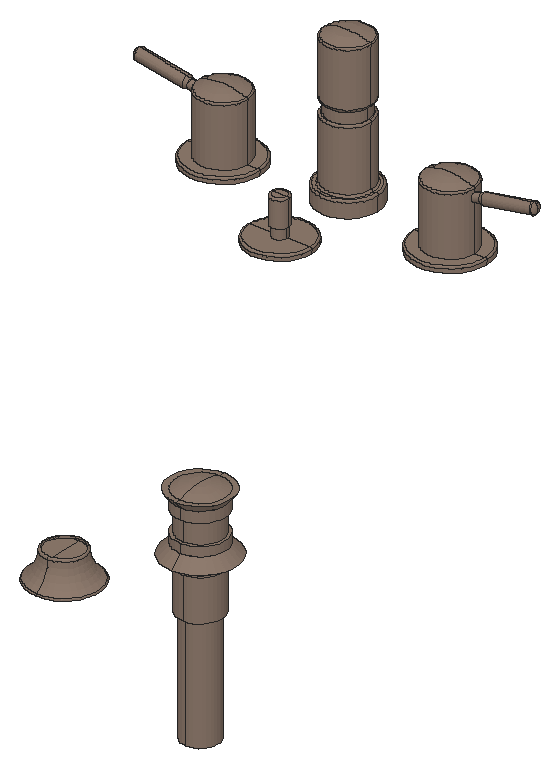
Revit family "FAUCET (90)", category Plumbing Fixtures, Revit 2020
Family settings
  Round Connector Dimension = Use Radius
  Part Type = Normal
  OmniClass Number = 23.45.55.17
  OmniClass Title = Mixing Faucets
  Work Plane-Based = No
  Always vertical = Yes
  Cut with Voids When Loaded = No
  Shared = No
  Room Calculation Point = No
Parameters
  Waste Connection Radius [instance] = Waste Connection NPT / 2  # 0' - 0 5/8"
  Waste Connection NPT [instance] = 1 1/4"
  Waste Connection = yes
  WFU = 0
  Vent Connection = yes
  URL = "http://www.brizo.com"
  Series = "Quiessence"  # constant formula
  Product URL = "http://www.brizo.com/bath/quiessence/bidet/68414-BZ.html"
  Nominal Width [instance] = (Control Valve Offset from Center * 2) + 0' 6 11/64"  # 1' - 2 11/64"
  Nominal Length [instance] = Faucet to Control Valve Distance + Control Valve to Diverter Valve Distance + 0' 2 9/32"  # 1' - 2 25/32"
  Nominal Height = 0' - 5 3/8"  # constant formula
  Model = "68414-BZ"
  Maximum Flow Rate [instance] = 0.0 GPM
  Manufacturer = "Brizo"  # constant formula
  Hot Water Connection Radius = Hot Water Connection NPT / 2  # 0' - 0 3/16"
  Hot Water Connection NPT = 3/8"
  Faucet to Control Valve Distance [instance] = 0' - 0 1/2"
  HWFU = 0
  HW Connection = yes
  Flow Pressure [instance] = 0.00 psi
  Finish = Bronze-Brizo-Metal-Brilliance-Brushed
  Default Elevation = 0' - 0"
  Control Valve to Stopper Distance [instance] = 0' - 3"
  Control Valve to Drain Distance [instance] = 0' - 6"
  Drain Height Offset [instance] = 0' - 6 1/4"
  Control Valve to Diverter Valve Distance [instance] = 1' - 0"
  Diverter Valve Height Offset [instance] = 0' - 6 1/2"
  Description = "Three Handle Bidet Faucet"  # constant formula
  Control Valve Offset from Center [instance] = 0' - 4"
  Cold Water Connection Radius = Cold Water Connection NPT / 2  # 0' - 0 3/16"
  Cold Water Connection NPT = 3/8"
  CWFU = 0
  CW Connection = yes
  CADworks URL = "http://www.CADworks.net"
  Assembly Code = "D2010900"
  ADA Compliant = yes
Reference planes (in)
  plane 1 "Center (Front/Back)": y = 0
  plane 2: z = 0
  plane 3 "Center (Left/Right)": x = 0
  plane 4: x = -4
  plane 5: x = 4
  plane 6: y = -0.5
  plane 7: x = 7.08594
  plane 8: x = -7.08594
  plane 9: y = 1.0625
  plane 10: x = 7.0793
  plane 11: x = -7.0793
  plane 12: z = 2.5
  plane 13: z = 5.375
  plane 14: y = -3
  plane 15: y = -12.5
  plane 16: z = -6.5
  plane 17: z = -6.25
  plane 18: z = -0.125
  plane 19: x = -4.28125
  plane 20: x = 4.28125
  plane 21: y = -6.5
  plane 22: z = -14.125
  plane 23: z = -5.5
  plane 24: y = -13.71875
Forms (in)
  Revolve 1, solid, material "Bronze-Brizo-Metal-Brilliance-Brushed" <- "Finish"
    sketch origin (0, 0, 0) x (1, 0, 0) y (0, 0, 1)
      loop
        line (0, 0) -> (1.0625, 0) -> (1.0625, 0.4935)
        arc (1.0625, 0.4935) -> (1.04419, 0.53769) -> (1, 0.556) r 0.0625
        line (1, 0.556) -> (0.885, 0.556)
        arc (0.885, 0.556) -> (0.84081, 0.57431) -> (0.8225, 0.6185) r 0.0625
        line (0.8225, 0.6185) -> (0.8225, 2.7155)
        arc (0.8225, 2.7155) -> (0.80419, 2.75969) -> (0.76, 2.778) r 0.0625
        line (0.76, 2.778) -> (0.70922, 2.778) -> (0.70922, 3.21447) -> (0.76, 3.21447)
        arc (0.76, 3.21447) -> (0.80419, 3.23277) -> (0.8225, 3.27697) r 0.0625
        line (0.8225, 3.27697) -> (0.8225, 5.16294)
        arc (0.8225, 5.16294) -> (0.812, 5.19761) -> (0.78404, 5.22063) r 0.0625
        arc (0.78404, 5.22063) -> (0.39978, 5.33724) -> (0, 5.375) r 2.00655
        line (0, 5.375) -> (0, 0)
      axis (0, 0) -> (0, 5.375)
    angle from 0 to 360
  Revolve 2, solid, material "Bronze-Brizo-Metal-Brilliance-Brushed" <- "Finish"
    sketch origin (-27.76549, -0.5, 48) x (-1, 0, 0) y (0, 0, 1)
      loop
        line (-23.76549, -48) -> (-22.52721, -48) -> (-22.52721, -47.96875) -> (-22.46471, -47.96875) -> (-22.46471, -47.83594)
        arc (-22.46471, -47.83594) -> (-22.48302, -47.79174) -> (-22.52721, -47.77344) r 0.0625
        line (-22.52721, -47.77344) -> (-22.90221, -47.77344) -> (-22.90221, -45.73238)
        arc (-22.90221, -45.73238) -> (-22.91223, -45.69844) -> (-22.93907, -45.67538) r 0.0625
        arc (-22.93907, -45.67538) -> (-23.34287, -45.54338) -> (-23.76549, -45.5) r 1.99196
        line (-23.76549, -45.5) -> (-23.76549, -48)
      axis (-23.76549, -48) -> (-23.76549, -45.5)
    angle from 0 to 360
  Revolve 3, solid, material "Bronze-Brizo-Metal-Brilliance-Brushed" <- "Finish"
    sketch origin (-27.76549, -0.5, 48) x (-1, 0, 0) y (0, 0, 1)
      loop
        line (-31.76549, -48) -> (-31.76549, -45.5)
        arc (-31.76549, -45.5) -> (-32.18811, -45.54338) -> (-32.59192, -45.67538) r 1.99196
        arc (-32.59192, -45.67538) -> (-32.61876, -45.69844) -> (-32.62877, -45.73238) r 0.0625
        line (-32.62877, -45.73238) -> (-32.62877, -47.77344) -> (-33.00377, -47.77344)
        arc (-33.00377, -47.77344) -> (-33.04797, -47.79174) -> (-33.06627, -47.83594) r 0.0625
        line (-33.06627, -47.83594) -> (-33.06627, -47.96875) -> (-33.00377, -47.96875) -> (-33.00377, -48) -> (-31.76549, -48)
      axis (-31.76549, -48) -> (-31.76549, -45.5)
    angle from 0 to 360
  Revolve 4, solid, material "Bronze-Brizo-Metal-Brilliance-Brushed" <- "Finish"
    sketch origin (-27.76549, -0.5, 48) x (-1, 0, 0) y (0, 0, 1)
      loop
        line (-31.76549, -46.1265) -> (-31.73836, -45.97262) -> (-32.88267, -45.77085) -> (-33.00147, -45.7023) -> (-34.69301, -45.40404)
        arc (-34.69301, -45.40404) -> (-34.7183, -45.40478) -> (-34.74122, -45.41549) r 0.0625
        arc (-34.74122, -45.41549) -> (-34.80907, -45.48961) -> (-34.84479, -45.58354) r 0.26758
        line (-34.84479, -45.58354) -> (-31.76549, -46.1265)
      axis (-31.76549, -46.1265) -> (-34.84479, -45.58354)
    angle from 0 to 360
  Revolve 5, solid, material "Bronze-Brizo-Metal-Brilliance-Brushed" <- "Finish"
    sketch origin (-27.76549, -0.5, 48) x (-1, 0, 0) y (0, 0, 1)
      loop
        line (-23.76549, -46.125) -> (-20.68619, -45.58204)
        arc (-20.68619, -45.58204) -> (-20.72167, -45.48602) -> (-20.79284, -45.41245) r 0.24852
        arc (-20.79284, -45.41245) -> (-20.81482, -45.40309) -> (-20.8387, -45.40267) r 0.0625
        line (-20.8387, -45.40267) -> (-22.52951, -45.7008) -> (-22.64832, -45.76935) -> (-23.79263, -45.97112) -> (-23.76549, -46.125)
      axis (-23.76549, -46.125) -> (-20.68619, -45.58204)
    angle from 0 to 360
  Revolve 6, solid, material "Bronze-Brizo-Metal-Brilliance-Brushed" <- "Finish"
    sketch origin (-27.76549, -3, 48) x (-1, 0, 0) y (0, 0, 1)
      loop
        line (-27.76549, -48) -> (-27.76549, -46.50063) -> (-28.01549, -46.50063)
        arc (-28.01549, -46.50063) -> (-28.05969, -46.51894) -> (-28.07799, -46.56313) r 0.0625
        line (-28.07799, -46.56313) -> (-28.07799, -47.4375) -> (-28.01549, -47.4375) -> (-28.01549, -47.8125) -> (-28.82799, -47.8125)
        arc (-28.82799, -47.8125) -> (-28.87219, -47.83081) -> (-28.89049, -47.875) r 0.0625
        line (-28.89049, -47.875) -> (-28.89049, -48) -> (-27.76549, -48)
      axis (-27.76549, -48) -> (-27.76549, -46.50063)
    angle from 0 to 360
  Revolve 7, solid, material "Bronze-Brizo-Metal-Brilliance-Brushed" <- "Finish"
    sketch origin (0, -5, 0) x (0, 1, 0) y (0, 0, 1)
      loop
        line (-1.5, -14.125) -> (-0.875, -14.125) -> (-0.875, -10.125) -> (-0.75, -10.125) -> (-0.75, -8.625) -> (-0.6875, -8.625) -> (-0.6875, -8.5) -> (-0.5625, -8.5) -> (-0.5625, -8.3125) -> (-0.25, -8.3125) -> (-0.625, -7.9375) -> (-0.625, -7.625) -> (-0.75, -7.625) -> (-0.75, -6.875) -> (-0.625, -6.875) -> (-0.625, -6.5) -> (-0.4375, -6.25) -> (-0.625, -6.25)
        arc (-0.625, -6.25) -> (-1.05207, -6.10756) -> (-1.5, -6.0625) r 2.03509
        line (-1.5, -6.0625) -> (-1.5, -14.125)
      axis (-1.5, -14.125) -> (-1.5, -6.0625)
    angle from 0 to 360
  Revolve 8, solid, material "Bronze-Brizo-Metal-Brilliance-Brushed" <- "Finish"
    sketch origin (0, -5, 0) x (0, 1, 0) y (0, 0, 1)
      loop
        line (-7.5, -6.5) -> (-6.28125, -6.5)
        arc (-6.28125, -6.5) -> (-6.2884, -6.47097) -> (-6.30821, -6.44859) r 0.0625
        arc (-6.30821, -6.44859) -> (-6.65256, -6.06246) -> (-6.78203, -5.56155) r 1.09877
        arc (-6.78203, -5.56155) -> (-6.80067, -5.51797) -> (-6.84453, -5.5) r 0.0625
        line (-6.84453, -5.5) -> (-6.84453, -5.5625) -> (-7.5, -5.5625) -> (-7.5, -6.5)
      axis (-7.5, -6.5) -> (-7.5, -5.5)
    angle from 0 to 360
  Extrusion 9, solid, material "Bronze-Brizo-Metal-Brilliance-Brushed" <- "Finish", detail levels fine
    sketch origin (-30.48707, -180, -0.125) x (-1, 0, 0) y (0, -1, 0)
      loop
        circle (-34.76832, -179.5) r 0.1875
    from 0.125 to 0
  Extrusion 10, solid, material "Bronze-Brizo-Metal-Brilliance-Brushed" <- "Finish", detail levels fine
    sketch origin (0, 0, 0) x (1, 0, 0) y (0, 1, 0)
      loop
        circle (-4.28125, -0.5) r 0.1875
    from -0.125 to 0
Cuts and joins
  joined: Revolve 3, Revolve 4
  joined: Revolve 2, Revolve 5
Lines and regions (in)
  Masking region 1
    outline origin (0, 0, 0) x (1, 0, 0) y (0, 1, 0)
      loop
        arc (-5.28482, -0.70313) -> (-2.69922, -0.5) -> (-5.28482, -0.29688) r 1.30078
        line (-5.28482, -0.29688) -> (-6.98687, -0.29688)
        arc (-6.98687, -0.29688) -> (-7.08594, -0.5) -> (-6.98687, -0.70313) r 0.25777
        line (-6.98687, -0.70313) -> (-5.28482, -0.70313)
      loop
        arc (5.28482, -0.29688) -> (2.69922, -0.5) -> (5.28482, -0.70313) r 1.30078
        line (5.28482, -0.70313) -> (6.98687, -0.70313)
        arc (6.98687, -0.70313) -> (7.08594, -0.5) -> (6.98687, -0.29688) r 0.25777
        line (6.98687, -0.29688) -> (5.28482, -0.29688)
      loop
        circle (0, 0) r 1.0625
      loop
        circle (0, -3) r 1.125
      loop
        circle (0, -6.5) r 1.25
      loop
        circle (0, -12.5) r 1.21875
  symbolic lines
    curve 1: line (-5.28482, -0.29688, 0) -> (-5.28482, -0.70313, 0)
    curve 2: line (-5.14431, -0.34375, 0) -> (-5.28482, -0.29688, 0)
    curve 3: line (-5.14431, -0.34375, 0) -> (-4.84902, -0.34375, 0)
    curve 4: line (-5.14431, -0.65625, 0) -> (-5.28482, -0.70313, 0)
    curve 5: line (-5.14431, -0.65625, 0) -> (-4.84902, -0.65625, 0)
    curve 6: line (-5.14431, -0.34375, 0) -> (-5.14431, -0.65625, 0)
    curve 7: arc (-3.13672, -0.5, 0) -> (-4, 0.36328, 0) -> (-4.86328, -0.5, 0) r 0.86328
    curve 8: arc (-4.86328, -0.5, 0) -> (-4, -1.36328, 0) -> (-3.13672, -0.5, 0) r 0.86328
    curve 9: line (5.28482, -0.29688, 0) -> (5.28482, -0.70313, 0)
    curve 10: line (5.14431, -0.34375, 0) -> (5.28482, -0.29688, 0)
    curve 11: line (5.14431, -0.34375, 0) -> (4.84902, -0.34375, 0)
    curve 12: line (5.14431, -0.65625, 0) -> (5.28482, -0.70313, 0)
    curve 13: line (5.14431, -0.65625, 0) -> (4.84902, -0.65625, 0)
    curve 14: line (5.14431, -0.34375, 0) -> (5.14431, -0.65625, 0)
    curve 15: arc (3.13672, -0.5, 0) -> (4, 0.36328, 0) -> (4.86328, -0.5, 0) r 0.86328
    curve 16: arc (4.86328, -0.5, 0) -> (4, -1.36328, 0) -> (3.13672, -0.5, 0) r 0.86328
    curve 17: circle (0, 0, 0) r 0.81328 normal (0, 0, 1)
    curve 18: arc (-0.3125, -3, 0) -> (0, -2.6875, 0) -> (0.3125, -3, 0) r 0.3125
    curve 19: arc (0.3125, -3, 0) -> (0, -3.3125, 0) -> (-0.3125, -3, 0) r 0.3125
    curve 20: arc (0, -5.4375, 0) -> (1.0625, -6.5, 0) -> (0, -7.5625, 0) r 1.0625
    curve 21: arc (0, -7.5625, 0) -> (-1.0625, -6.5, 0) -> (0, -5.4375, 0) r 1.0625
    curve 22: arc (0, -5.75, 0) -> (-0.75, -6.5, 0) -> (0, -7.25, 0) r 0.75
    curve 23: arc (0, -7.25, 0) -> (0.75, -6.5, 0) -> (0, -5.75, 0) r 0.75
    curve 24: arc (0, -13.15547, 0) -> (0.65547, -12.5, 0) -> (0, -11.84453, 0) r 0.65547
    curve 25: arc (0, -11.84453, 0) -> (-0.65547, -12.5, 0) -> (0, -13.15547, 0) r 0.65547
Dimensions and locks (in)
  "Control Valve Offset from Center": plane 3 "Center (Left/Right)" to plane 4
  "Control Valve Offset from Center": plane 5 to plane 3 "Center (Left/Right)"
  locked: Revolve 1 sketch curve to plane 2 at 5.375
  Revolve 1 sketch curve to Revolve 1 sketch curve to Revolve 1 sketch curve to Revolve 1 sketch curve to Revolve 1 sketch curve = 0' - 0.15437" locked, 0' - 0.05769" locked, 0' - 1.88597" locked, 0' - 0 1/16" locked
  Revolve 1 sketch curve to Revolve 1 sketch curve to Revolve 1 sketch curve to Revolve 1 sketch curve to Revolve 1 sketch curve to plane 2 = 0' - 0 1/16" locked, 0' - 2.097" locked, 0' - 0 1/16" locked, 0' - 0 1/16" locked, 0' - 0.4935" locked
  locked: Revolve 1 sketch curve to plane 3 "Center (Left/Right)" at 0.8225
  locked: Revolve 1 sketch curve to Revolve 1 sketch curve at 0.03846
  Revolve 1 sketch curve to Revolve 1 sketch curve to Revolve 1 sketch curve = 0' - 0 1/16" locked, 0' - 0 13/256" locked
  locked: Revolve 1 sketch curve to plane 3 "Center (Left/Right)" at 1.0625
  Revolve 1 sketch curve to Revolve 1 sketch curve to Revolve 1 sketch curve to Revolve 1 sketch curve to Revolve 1 sketch curve = 0' - 0 1/16" locked, 0' - 0.115" locked, 0' - 0 1/16" locked, 0' - 0 1/16" locked
  locked: Revolve 2 sketch curve to plane 2 at 2.5
  Revolve 2 sketch curve to Revolve 2 sketch curve to Revolve 2 sketch curve to Revolve 2 sketch curve to Revolve 2 sketch curve to plane 2 = 0' - 0.057" locked, 0' - 2.04106" locked, 0' - 0 1/16" locked, 0' - 0 17/128" locked, 0' - 0 1/32" locked
  locked: plane 4 to Revolve 2 sketch curve at 0.00909
  locked: Revolve 2 sketch curve to plane 2 at 0.50806
  plane 4 to Revolve 2 sketch curve to Revolve 2 sketch curve to Revolve 2 sketch curve to Revolve 2 sketch curve = 0' - 0 221/256" locked, 0' - 0 3/8" locked, 0' - 0" locked, 0' - 0 1/16" locked
  Revolve 2 sketch curve to Revolve 2 sketch curve to Revolve 2 sketch curve = 0' - 0.82643" locked, 0' - 0.03686" locked
  plane 5 to Revolve 3 sketch curve to Revolve 3 sketch curve to Revolve 3 sketch curve to Revolve 3 sketch curve = 0' - 0 221/256" locked, 0' - 0 3/8" locked, 0' - 0" locked, 0' - 0 1/16" locked
  locked: Revolve 3 sketch curve to Revolve 3 sketch curve at 0.03686
  locked: Revolve 3 sketch curve to plane 2 at 0.50806
  locked: Revolve 3 sketch curve to plane 2 at 2.5
  plane 2 to Revolve 3 sketch curve to Revolve 3 sketch curve to Revolve 3 sketch curve to Revolve 3 sketch curve to Revolve 3 sketch curve = 0' - 0 1/32" locked, 0' - 0 17/128" locked, 0' - 0 1/16" locked, 0' - 2.04106" locked, 0' - 0.057" locked
  locked: plane 5 to Revolve 3 sketch curve at 0.00909
  locked: plane 9 to plane 1 "Center (Front/Back)" at 1.0625
  "Faucet to Control Valve Distance": plane 1 "Center (Front/Back)" to plane 6
  "Nominal Width": plane 7 to plane 8
  equal spacing: plane 7, plane 3 "Center (Left/Right)", plane 8
  locked: Revolve 4 sketch curve to plane 2 at 1.8735
  locked: plane 10 to plane 5 at 3.0793
  locked: plane 5 to Revolve 4 sketch curve at 0
  locked: Revolve 4 sketch curve to Revolve 4 sketch curve at 0.15625
  Revolve 4 sketch curve to Revolve 4 sketch curve to Revolve 4 sketch curve = 0' - 0.18348" locked, 0' - 0.01964" locked
  plane 10 to Revolve 4 sketch curve to Revolve 4 sketch curve to Revolve 4 sketch curve = 0' - 0" locked, 0' - 0.10357" locked, 0' - 0.04821" locked
  Revolve 4 sketch curve to Revolve 4 sketch curve to Revolve 4 sketch curve = 0' - 0 33/256" locked, 0' - 1.16196" locked
  locked: Revolve 5 sketch curve to plane 2 at 1.875
  locked: plane 4 to plane 11 at 3.0793
  locked: Revolve 5 sketch curve to plane 4 at 0
  Revolve 5 sketch curve to Revolve 5 sketch curve to plane 11 to Revolve 5 sketch curve = 0' - 0.04586" locked, 0' - 0.10665" locked, 0' - 0" locked
  Revolve 5 sketch curve to Revolve 5 sketch curve to Revolve 5 sketch curve = 0' - 0.01759" locked, 0' - 0.18553" locked
  locked: Revolve 5 sketch curve to Revolve 5 sketch curve at 0.15625
  Revolve 5 sketch curve to Revolve 5 sketch curve to Revolve 5 sketch curve = 0' - 1.16196" locked, 0' - 0 33/256" locked
  locked: plane 12 to plane 2 at 2.5
  locked: plane 13 to plane 2 at 5.375
  "Control Valve to Stopper Distance": plane 1 "Center (Front/Back)" to plane 14
  locked: Revolve 6 sketch curve to plane 3 "Center (Left/Right)" at 0.3125
  locked: Revolve 6 sketch curve to Revolve 6 sketch curve at 0.0625  (x5)
  locked: Revolve 6 sketch curve to plane 3 "Center (Left/Right)" at 1.125
  locked: Revolve 6 sketch curve to plane 2 at 1.49937
  locked: Revolve 6 sketch curve to plane 2 at 0.1875
  locked: Revolve 6 sketch curve to Revolve 6 sketch curve at 0.375
  "Control Valve to Diverter Valve Distance": plane 6 to plane 15
  "Diverter Valve Height Offset": plane 2 to plane 16
  "Drain Height Offset": plane 2 to plane 17
  locked: plane 4 to plane 19 at 0.28125
  locked: plane 2 to plane 18 at 0.125
  locked: plane 5 to plane 20 at 0.28125
  "Control Valve to Drain Distance": plane 6 to plane 21
  locked: Revolve 7 sketch curve to plane 17 at 0.1875
  plane 17 to Revolve 7 sketch curve to Revolve 7 sketch curve to Revolve 7 sketch curve to Revolve 7 sketch curve to Revolve 7 sketch curve to Revolve 7 sketch curve to Revolve 7 sketch curve to Revolve 7 sketch curve = 0' - 0 1/4" locked, 0' - 0 3/8" locked, 0' - 0 3/4" locked, 0' - 0 5/16" locked, 0' - 0 3/8" locked, 0' - 0 3/16" locked, 0' - 0 1/8" locked, 0' - 1 1/2" locked
  Revolve 7 sketch curve to Revolve 7 sketch curve to Revolve 7 sketch curve to Revolve 7 sketch curve to plane 21 = 0' - 0 3/16" locked, 0' - 0" locked, 0' - 0 1/8" locked, 0' - 0 3/4" locked
  Revolve 7 sketch curve to Revolve 7 sketch curve to Revolve 7 sketch curve to Revolve 7 sketch curve to Revolve 7 sketch curve to Revolve 7 sketch curve to plane 21 = 0' - 0 5/16" locked, 0' - 0 1/16" locked, 0' - 0 1/16" locked, 0' - 0 1/16" locked, 0' - 0 1/8" locked, 0' - 0 5/8" locked
  locked: plane 17 to plane 22 at 7.875
  Revolve 8 sketch curve to Revolve 8 sketch curve to Revolve 8 sketch curve to Revolve 8 sketch curve to plane 15 = 0' - 0.02696" locked, 0' - 0.47382" locked, 0' - 0 1/16" locked, 0' - 0.65547" locked
  locked: plane 23 to plane 16 at 1
  locked: Revolve 8 sketch curve to plane 23 at 0
  locked: plane 23 to Revolve 8 sketch curve at 0.0625
  locked: Revolve 8 sketch curve to plane 16 at 0.05141
  locked: plane 23 to Revolve 8 sketch curve at 0.06155
  locked: plane 15 to plane 24 at 1.21875
  Masking region 1 sketch curve to plane 6 to Masking region 1 sketch curve = 0' - 0 13/64" locked, 0' - 0 13/64" locked  (x2)
  locked: plane 8 to Masking region 1 sketch curve at 0.25777
  locked: Masking region 1 sketch curve to plane 7 at 0.25777
  locked: Masking region 1 sketch curve to plane 7 at 0.09907  (x2)
  locked: plane 8 to Masking region 1 sketch curve at 0.09907  (x2)
  curve 14 to curve 9 to plane 7 = 0' - 0.14052" locked, 0' - 1.80111" locked
  plane 8 to curve 1 to curve 6 = 0' - 1.80111" locked, 0' - 0.14052" locked
  locked: Extrusion 9 sketch curve to plane 6 at 0
  locked: Extrusion 9 sketch curve to plane 20 at 0
  locked: Extrusion 10 sketch curve to plane 19 at 0
  locked: Extrusion 10 sketch curve to plane 6 at 0
  curve 5 to plane 6 to curve 3 = 0' - 0 5/32" locked, 0' - 0 5/32" locked
  curve 11 to plane 6 to curve 13 = 0' - 0 5/32" locked, 0' - 0 5/32" locked
  "Cold Water Connection Radius": radius of Extrusion 9 sketch curve
  "Hot Water Connection Radius": radius of Extrusion 10 sketch curve
  locked: plane 5 to Revolve 4 sketch curve (angle 100.00°)
  locked: Revolve 5 sketch curve to plane 4 (angle 100.00°)
  aligned and locked: plane 3 "Center (Left/Right)" to Revolve 1 sketch curve
  aligned and locked: Revolve 1 sketch curve to Revolve 1 sketch curve
  aligned and locked: Revolve 1 sketch curve to plane 2
  aligned and locked: plane 4 to Revolve 2 sketch curve
  aligned and locked: Revolve 2 sketch curve to Revolve 2 sketch curve
  aligned and locked: Revolve 3 sketch curve to plane 5
  aligned and locked: Revolve 3 sketch curve to Revolve 3 sketch curve
  aligned and locked: Revolve 3 sketch curve to plane 2
  aligned and locked: plane 5 to Revolve 4 sketch curve
  aligned and locked: Revolve 4 sketch curve to Revolve 4 sketch curve
  aligned and locked: plane 4 to Revolve 5 sketch curve
  aligned and locked: Revolve 5 sketch curve to Revolve 5 sketch curve
  aligned and locked: plane 3 "Center (Left/Right)" to Revolve 6 sketch curve
  aligned and locked: Revolve 6 sketch curve to plane 2
  aligned and locked: Revolve 6 sketch curve to Revolve 6 sketch curve
  aligned and locked: plane 21 to Revolve 7 sketch curve
  aligned and locked: Revolve 7 sketch curve to Revolve 7 sketch curve
  aligned and locked: plane 17 to Revolve 7 sketch curve
  aligned and locked: plane 22 to Revolve 7 sketch curve
  aligned and locked: plane 15 to Revolve 8 sketch curve
  aligned and locked: plane 16 to Revolve 8 sketch curve
  aligned and locked: Masking region 1 sketch curve to cut or joined group of Revolve 2, Revolve 5
  aligned and locked: Masking region 1 sketch curve to cut or joined group of Revolve 3, Revolve 4
  aligned and locked: Masking region 1 sketch curve to Revolve 1  (x2)
  aligned and locked: Masking region 1 sketch curve to Revolve 6  (x2)
  aligned and locked: Masking region 1 sketch curve to Revolve 7  (x2)
  aligned and locked: Masking region 1 sketch curve to Revolve 8  (x2)
  aligned and locked: curve 7 to cut or joined group of Revolve 2, Revolve 5
  aligned and locked: curve 8 to cut or joined group of Revolve 2, Revolve 5
  aligned and locked: curve 15 to cut or joined group of Revolve 3, Revolve 4
  aligned and locked: curve 16 to cut or joined group of Revolve 3, Revolve 4
  aligned and locked: curve 18 to Revolve 6
  aligned and locked: curve 19 to Revolve 6
  aligned and locked: curve 20 to Revolve 7
  aligned and locked: curve 21 to Revolve 7
  aligned and locked: curve 22 to Revolve 7
  aligned and locked: curve 23 to Revolve 7
  aligned and locked: curve 24 to Revolve 8
  aligned and locked: curve 25 to Revolve 8
  aligned: Extrusion 9 to plane 18  (x2)
  aligned: plane 2 to Extrusion 9
  aligned and locked: plane 2 to Extrusion 9
  aligned and locked: Extrusion 9 to plane 18
  aligned and locked: plane 2 to Extrusion 10
  aligned and locked: Extrusion 10 to plane 18
Automatic sketch dimensions
  plane 3 "Center (Left/Right)" to Revolve 1 sketch curve = 0' - 0.01216"
  Revolve 1 sketch curve to Revolve 1 sketch curve = 0' - 0.36964"
  Revolve 1 sketch curve to Revolve 1 sketch curve = 0' - 0.88049"
  Revolve 2 sketch curve to level = 0' - 0"
  Revolve 2 sketch curve to Revolve 2 sketch curve = 0' - 0.00806"
  Revolve 2 sketch curve to Revolve 2 sketch curve = 0' - 0.24194"
  Revolve 3 sketch curve to Revolve 3 sketch curve = 0' - 0.00806"
  Revolve 3 sketch curve to Revolve 3 sketch curve = 0' - 0.24194"
  Revolve 4 sketch curve to Revolve 4 sketch curve = 0' - 0"
  plane 12 to Revolve 4 sketch curve = 0' - 0.03441"
  Revolve 4 sketch curve to Revolve 4 sketch curve = 0' - 0.01085"
  Revolve 5 sketch curve to plane 12 = 0' - 0.2008"
  Revolve 5 sketch curve to Revolve 5 sketch curve = 0' - 0.09335"
  Revolve 5 sketch curve to Revolve 5 sketch curve = 0' - 0.01085"
  Revolve 6 sketch curve to Revolve 6 sketch curve = 0' - 0.1398"
  Revolve 6 sketch curve to Revolve 6 sketch curve = 0' - 0 1/4"
  Revolve 7 sketch curve to plane 17 = 0' - 0"
  plane 21 to Revolve 7 sketch curve = 0' - 0.02152"
  Revolve 7 sketch curve to plane 16 = 0' - 0 1/4"
  Revolve 8 sketch curve to plane 15 = 0' - 0"
  Revolve 8 sketch curve to Revolve 8 sketch curve = 0' - 0"
  Revolve 8 sketch curve to Revolve 8 sketch curve = 0' - 1.94227"
  plane 23 to Revolve 8 sketch curve = 0' - 0.55773"
  plane 1 "Center (Front/Back)" to curve 17 = 0' - 0"
  curve 17 to plane 3 "Center (Left/Right)" = 0' - 0"
  plane 6 to curve 2 = 0' - 0 13/64"
  curve 4 to curve 4 = 0' - 0 3/64"
  curve 9 to curve 12 = 0' - 0 3/64"
  curve 10 to curve 10 = 0' - 0 3/64"
  curve 5 to curve 6 = 0' - 0"
  curve 2 to curve 6 = 0' - 0"
  radius of curve 17 = 0' - 0.81328"
Connectors (in)
  piping at (0, -6.5, -14.125), diameter 1.25, driven by "WFU", driven by "Waste Connection Radius"
    settings: on Revolve 7, index 3, connector inside diameter 1 1/4", connector length 0' - 0", flow factor 0, pipe flow 0.0 GPM, pressure drop 0.00 psi, fitting loss kfactor 0, connector angle 0.00°, fixture units 0, engagement length 0' - 0", angle of deflection 0.00°, flow configuration 3, flow direction 2, fitting loss method 0, system type 16, joint type 0, gender type 0, connector reference index -1, connector utility 0, adjustable connector yes, is connector primary yes, connector description "Waste Outlet Connection"
  piping at (4.28125, -0.5, 0), diameter 0.375, driven by "Cold Water Connection Radius", driven by "CWFU", driven by "Flow Pressure"
    settings: on Extrusion 9, index 6, connector inside diameter 3/8", connector length 0' - 0", flow factor 0, pipe flow 0.0 GPM, pressure drop 0.00 psi, fitting loss kfactor 0, connector angle 0.00°, fixture units 0, engagement length 0' - 0", angle of deflection 0.00°, flow configuration 3, flow direction 1, fitting loss method 4, system type 20, joint type 0, gender type 0, connector reference index -1, connector utility 0, adjustable connector no, is connector primary no, connector description "Cold Water Inlet Connection"
  piping at (-4.28125, -0.5, 0), diameter 0.375, driven by "Hot Water Connection Radius", driven by "HWFU", driven by "Flow Pressure"
    settings: on Extrusion 10, index 7, connector inside diameter 3/8", connector length 0' - 0", flow factor 0, pipe flow 0.0 GPM, pressure drop 0.00 psi, fitting loss kfactor 0, connector angle 0.00°, fixture units 0, engagement length 0' - 0", angle of deflection 0.00°, flow configuration 3, flow direction 1, fitting loss method 4, system type 19, joint type 0, gender type 0, connector reference index -1, connector utility 0, adjustable connector no, is connector primary no, connector description "Hot Water Inlet Connection"
